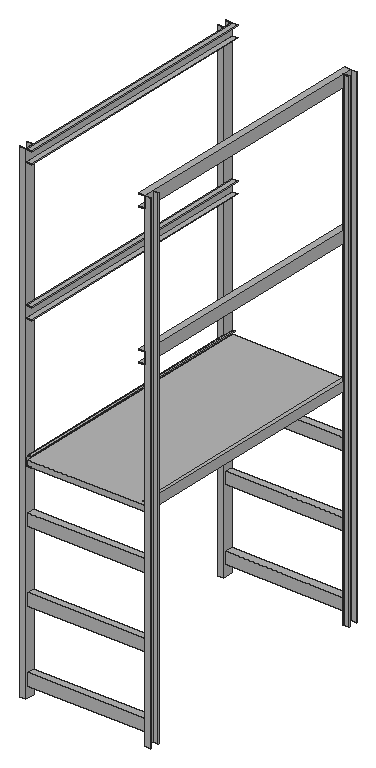
Revit family "Przejscie_attyka", category Specialty Equipment, Revit 2021
Family settings
  Round Connector Dimension = Use Diameter
  Part Type = Normal
  Work Plane-Based = No
  Always vertical = Yes
  Cut with Voids When Loaded = No
  Shared = No
  Room Calculation Point = No
Parameters (values of type "Standard")
  Wysokosc = 2070 mm
  Szerokosc = 550 mm
  Material = Blacha ocynkowana Ruukki
  Dlugosc = 1080 mm
  Default Elevation = 0 mm
Reference planes
  plane 1 "Center (Front/Back)": y = 0
  plane 2: z = 0
  plane 3 "Center (Left/Right)": x = 0
  plane 4: x = -275
  plane 5: x = 275
  plane 6: y = 540
  plane 7: y = -540
  plane 8 "szczyt": z = 2070
  plane 9 "podest": z = 900
  plane 10 "porecz1": z = 1458.446
Forms (mm)
  Extrusion 1, solid, material "Blacha ocynkowana Ruukki" <- "Material"
    sketch origin (0, 0, 900) x (-1, 0, 0) y (0, -1, 0)
      loop
        line (248.5, -540) -> (248.5, 535) -> (-248.5, 535) -> (-248.5, -540) -> (248.5, -540)
    from -23.5 to 0
  Extrusion 2, solid, material "Blacha ocynkowana Ruukki" <- "Material"
    sketch origin (2.5, 0, 0) x (1, 0, 0) y (0, 0, 1)
      loop
        line (-252.5, 1483.446) -> (-252.5, 1433.446) -> (-227.5, 1433.446) -> (-227.5, 1434.946) -> (-251, 1434.946) -> (-251, 1481.946) -> (-227.5, 1481.946) -> (-227.5, 1483.446) -> (-252.5, 1483.446)
      loop
        line (247.5, 1483.446) -> (222.5, 1483.446) -> (222.5, 1481.946) -> (246, 1481.946) -> (246, 1434.946) -> (222.5, 1434.946) -> (222.5, 1433.446) -> (247.5, 1433.446) -> (247.5, 1483.446)
      loop
        line (-252.5, 2070) -> (-252.5, 2020) -> (-227.5, 2020) -> (-227.5, 2021.5) -> (-251, 2021.5) -> (-251, 2068.5) -> (-227.5, 2068.5) -> (-227.5, 2070) -> (-252.5, 2070)
      loop
        line (247.5, 2070) -> (222.5, 2070) -> (222.5, 2068.5) -> (246, 2068.5) -> (246, 2021.5) -> (222.5, 2021.5) -> (222.5, 2020) -> (247.5, 2020) -> (247.5, 2070)
    from -540 to 540
  Extrusion 3, solid, material "Blacha ocynkowana Ruukki" <- "Material"
    sketch origin (0, 0, 1458.446) x (-1, 0, 0) y (0, -1, 0)
      loop
        line (275, -540) -> (275, -538.5) -> (251.5, -538.5) -> (251.5, -501.5) -> (275, -501.5) -> (275, -500) -> (250, -500) -> (250, -540) -> (275, -540)
      loop
        line (-275, -540) -> (-250, -540) -> (-250, -500) -> (-275, -500) -> (-275, -501.5) -> (-251.5, -501.5) -> (-251.5, -538.5) -> (-275, -538.5) -> (-275, -540)
      loop
        line (275, 540) -> (250, 540) -> (250, 500) -> (275, 500) -> (275, 501.5) -> (251.5, 501.5) -> (251.5, 538.5) -> (275, 538.5) -> (275, 540)
      loop
        line (-275, 540) -> (-275, 538.5) -> (-251.5, 538.5) -> (-251.5, 501.5) -> (-275, 501.5) -> (-275, 500) -> (-250, 500) -> (-250, 540) -> (-275, 540)
    from -1458.446 to 611.554
  Sweep 4, solid, material "Blacha ocynkowana Ruukki" <- "Material"
    path in 3D
      loop
        line (248.5, -535, 900) -> (248.5, 540, 900)
    profile "Profil_cienkoscienny_C : Profil_cienkoscienny_C_niski" origin (248.5, 2.5, 900) x (-1, 0, 0) y (0, 0, 1)
      loop
        line (0, 13.5) -> (13.5, 13.5) -> (13.5, 15) -> (-1.5, 15) -> (-1.5, -25) -> (13.5, -25) -> (13.5, -23.5) -> (0, -23.5) -> (0, 13.5)
  Sweep 5, solid, material "Blacha ocynkowana Ruukki" <- "Material"
    path in 3D
      loop
        line (-248.5, 540, 900) -> (-248.5, -535, 900)
    profile "Profil_cienkoscienny_C : Profil_cienkoscienny_C_niski" origin (-248.5, 2.5, 900) x (1, 0, 0) y (0, 0, 1)
      loop
        line (0, 13.5) -> (13.5, 13.5) -> (13.5, 15) -> (-1.5, 15) -> (-1.5, -25) -> (13.5, -25) -> (13.5, -23.5) -> (0, -23.5) -> (0, 13.5)
  Extrusion 6, solid, material "Blacha ocynkowana Ruukki" <- "Material"
    sketch origin (0, 0, -15) x (0, 1, 0) y (0, 0, 1)
      loop
        line (-505, 115) -> (-535, 115) -> (-535, 65) -> (-505, 65) -> (-505, 115)
    from -250 to 250
  Extrusion 7, solid, material "Blacha ocynkowana Ruukki" <- "Material"
    sketch origin (0, 0, 285) x (0, 1, 0) y (0, 0, 1)
      loop
        line (-505, 115) -> (-535, 115) -> (-535, 65) -> (-505, 65) -> (-505, 115)
    from -250 to 250
  Extrusion 8, solid, material "Blacha ocynkowana Ruukki" <- "Material"
    sketch origin (0, 0, 585) x (0, 1, 0) y (0, 0, 1)
      loop
        line (-505, 115) -> (-535, 115) -> (-535, 65) -> (-505, 65) -> (-505, 115)
    from -250 to 250
  Extrusion 9, solid, material "Blacha ocynkowana Ruukki" <- "Material"
    sketch origin (0, 0, -15) x (0, -1, 0) y (0, 0, -1)
      loop
        line (-505, -115) -> (-505, -65) -> (-535, -65) -> (-535, -115) -> (-505, -115)
    from -250 to 250
  Extrusion 10, solid, material "Blacha ocynkowana Ruukki" <- "Material"
    sketch origin (0, 0, 285) x (0, -1, 0) y (0, 0, -1)
      loop
        line (-505, -115) -> (-505, -65) -> (-535, -65) -> (-535, -115) -> (-505, -115)
    from -250 to 250
  Extrusion 11, solid, material "Blacha ocynkowana Ruukki" <- "Material"
    sketch origin (0, 0, 585) x (0, -1, 0) y (0, 0, -1)
      loop
        line (-505, -115) -> (-505, -65) -> (-535, -65) -> (-535, -115) -> (-505, -115)
    from -250 to 250
Lines and regions (mm)
  sketch lines
    curve 1: line (248.5, -535, 900) -> (248.5, 540, 900)
    curve 2: line (-248.5, 540, 900) -> (-248.5, -535, 900)
Dimensions and locks
  equal spacing: plane 4, plane 3 "Center (Left/Right)", plane 5
  "Szerokosc": plane 4 to plane 5
  equal spacing: plane 6, plane 1 "Center (Front/Back)", plane 7
  "Dlugosc": plane 6 to plane 7
  "Wysokosc": plane 8 "szczyt" to plane 2
  plane 9 "podest" to plane 2 = 900 mm
  Extrusion 6 to level = 50 mm
  plane 4 to plane 5 = 550 mm
  plane 6 to plane 7 = 1080 mm
  Extrusion 2 to Extrusion 2 = 450 mm
  Extrusion 2 to Extrusion 2 = 500 mm
  aligned and locked: level to plane 2
  aligned and locked: plane 6 to Extrusion 2
  aligned and locked: Extrusion 2 to plane 7
  aligned and locked: plane 9 "podest" to Extrusion 1
  aligned and locked: Extrusion 6 to Extrusion 1
  aligned and locked: plane 6 to Extrusion 1
Automatic sketch dimensions
  Extrusion 1 sketch curve to plane 6 = 0 mm
  Extrusion 1 sketch curve to plane 5 = 26.5 mm
  plane 7 to Extrusion 1 sketch curve = 5 mm
  plane 4 to Extrusion 1 sketch curve = 26.5 mm
  Extrusion 2 sketch curve to plane 8 "szczyt" = 0 mm  (x2)
  plane 4 to Extrusion 2 sketch curve = 25 mm  (x2)
  Extrusion 2 sketch curve to Extrusion 2 sketch curve = 1.5 mm  (x10)
  Extrusion 2 sketch curve to Extrusion 2 sketch curve = 23.5 mm  (x6)
  Extrusion 2 sketch curve to plane 8 "szczyt" = 1.5 mm  (x2)
  Extrusion 2 sketch curve to plane 10 "porecz1" = 23.5 mm  (x2)
  Extrusion 2 sketch curve to plane 5 = 50 mm  (x2)
  Extrusion 2 sketch curve to Extrusion 2 sketch curve = 0 mm  (x2)
  plane 10 "porecz1" to Extrusion 2 sketch curve = 23.5 mm  (x2)
  Extrusion 2 sketch curve to Extrusion 2 sketch curve = 48.5 mm  (x2)
  Extrusion 3 sketch curve to plane 5 = 0 mm  (x4)
  Extrusion 3 sketch curve to plane 6 = 0 mm  (x2)
  Extrusion 3 sketch curve to plane 7 = 0 mm  (x2)
  Extrusion 3 sketch curve to plane 4 = 0 mm  (x4)
  Extrusion 3 sketch curve to Extrusion 3 sketch curve = 23.5 mm  (x2)
  Extrusion 3 sketch curve to plane 6 = 1.5 mm  (x2)
  Extrusion 3 sketch curve to Extrusion 3 sketch curve = 1.5 mm  (x9)
  Extrusion 3 sketch curve to Extrusion 3 sketch curve = 25 mm  (x2)
  Extrusion 3 sketch curve to Extrusion 3 sketch curve = 37 mm  (x2)
  plane 7 to Extrusion 3 sketch curve = 40 mm  (x2)
  plane 7 to Extrusion 3 sketch curve = 1.5 mm
  plane 7 to Extrusion 6 sketch curve = 5 mm
  Extrusion 6 sketch curve to Extrusion 6 sketch curve = 30 mm
  level to Extrusion 6 sketch curve = 50 mm
  Extrusion 6 sketch curve to Extrusion 6 sketch curve = 50 mm
  plane 7 to Extrusion 7 sketch curve = 5 mm
  Extrusion 7 sketch curve to Extrusion 7 sketch curve = 30 mm
  level to Extrusion 7 sketch curve = 350 mm
  Extrusion 7 sketch curve to Extrusion 7 sketch curve = 50 mm
  plane 7 to Extrusion 8 sketch curve = 5 mm
  Extrusion 8 sketch curve to Extrusion 8 sketch curve = 30 mm
  Extrusion 8 sketch curve to plane 9 "podest" = 250 mm
  Extrusion 8 sketch curve to Extrusion 8 sketch curve = 50 mm
  plane 6 to Extrusion 9 sketch curve = 5 mm
  Extrusion 9 sketch curve to Extrusion 9 sketch curve = 30 mm
  Extrusion 9 sketch curve to level = 50 mm
  Extrusion 9 sketch curve to Extrusion 9 sketch curve = 50 mm
  plane 6 to Extrusion 10 sketch curve = 5 mm
  Extrusion 10 sketch curve to Extrusion 10 sketch curve = 30 mm
  Extrusion 10 sketch curve to level = 350 mm
  Extrusion 10 sketch curve to Extrusion 10 sketch curve = 50 mm
  plane 6 to Extrusion 11 sketch curve = 5 mm
  Extrusion 11 sketch curve to Extrusion 11 sketch curve = 30 mm
  plane 9 "podest" to Extrusion 11 sketch curve = 250 mm
  Extrusion 11 sketch curve to Extrusion 11 sketch curve = 50 mm
